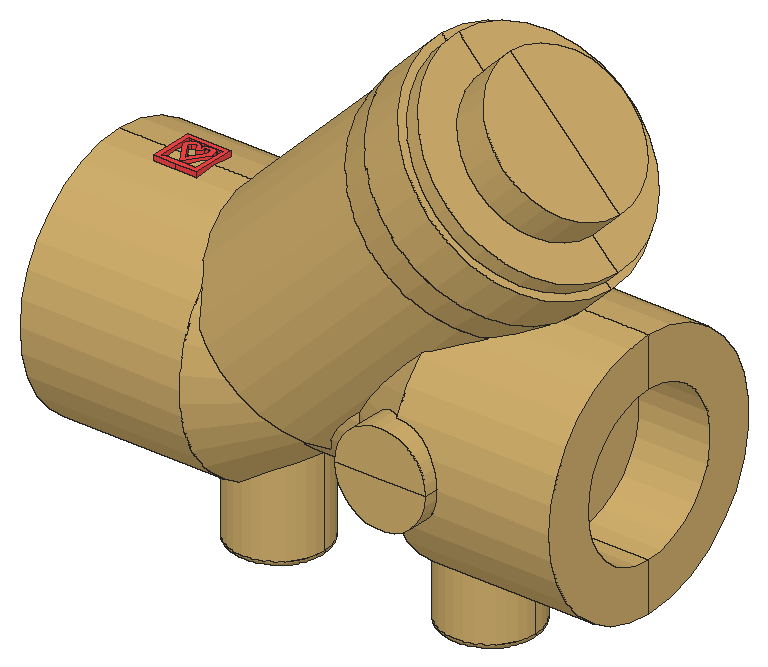
Revit family "Фильтр-грязевик 4111", category Rohrzubehör, Revit 2020
Family settings
  Bemaßung runder Anschluss = Durchmesser verwenden
  Teiletyp = Unterbricht
  OmniClass-Nummer = 23.65.55.14
  OmniClass-Titel = Valves for Liquid Services
  Arbeitsebenenbasiert = Nein
  Immer vertikal = Ja
  Beim Laden mit Abzugskörper schneiden = Nein
  Gemeinsam genutzt = Nein
Parameters
  Номер заказа [instance] = size_lookup("4111_", "Artnr", 0, Nennweite)  # 1411114
  Макс. рабочая температура = 110 °C  # constant formula
  W01 = 45.00°  # constant formula
  Vorgabe-Ansicht = 0.000 mm
  URL = "www.herz-armaturen.ru"
  Заглушка = "штампованная латунь CW 617N"  # constant formula
  Фильтрующий элемент = "нержавеющая сталь, размер ячейки 0,75 мм"  # constant formula
  SW02 [instance] = size_lookup("4111_", "SW2", 11.000 mm, Nennweite)  # 8.500 mm
  SW01 [instance] = size_lookup("4111_", "SW1", 16.000 mm, Nennweite)  # 16.000 mm
  SCTWSEQ = "AW;SBT_TYP_AW=\"112\";2"
  SCTWCODE = "04;16;02"  # constant formula
  SCRNSEQ = "AWI;AWI_TYP=\"1011\";2"
  SCRNCODE = "05;15;02"  # constant formula
  S01 [instance] = R01 * 2  # 52.000 mm
  R100 = 1.000 mm  # constant formula
  R10 [instance] = size_lookup("4111_", "R10", 8.500 mm, Nennweite)  # 6.950 mm
  R09 [instance] = size_lookup("4111_", "R9", 30.000 mm, Nennweite)  # 15.000 mm
  R08 [instance] = R07 - 1.500 mm  # 23.500 mm
  R07 [instance] = size_lookup("4111_", "R7", 46.500 mm, Nennweite)  # 25.000 mm
  R06 [instance] = size_lookup("4111_", "R6", 43.000 mm, Nennweite)  # 24.000 mm
  R05 [instance] = Nennweite / 2  # 16.000 mm
  R04 [instance] = size_lookup("4111_", "R4", 11.500 mm, Nennweite)  # 9.500 mm
  R03 = 9.500 mm  # constant formula
  R02 [instance] = Nennweite / 2  # 16.000 mm
  R01 [instance] = (Nennweite / 2) + 10.000 mm  # 26.000 mm
  PN [instance] = size_lookup("4111_", "PN", 16, Nennweite)  # 25
  Nennweite [instance] = 32.000 mm
  Среда = "Качество теплоносителя в соответствии с ÖNORM H5195 и/или предписаниями VDI-Standard 2035.\nРазрешается использование смеси этилен или пропиленгликоля в соотношении 25-50% с водой. Пожалуйста, обратитесь к документации производителя, при использовании этиленгликоля и пропиленгликоля в целях защиты от замерзания. Прокладки EPDM могут быть подвержены воздействию минеральных смазочных масел, что может служить причиной выхода из строя данных уплотнений."
  L16 [instance] = L03 - 4.500 mm  # 10.500 mm
  L15 [instance] = R01 - 1.000 mm  # 25.000 mm
  L14 [instance] = L06 - L08  # 7.300 mm
  L13 [instance] = size_lookup("4111_", "L13", 4.000 mm, Nennweite)  # 3.500 mm
  L12 = 0.800 mm  # constant formula
  L11 [instance] = size_lookup("4111_", "L11", 11.000 mm, Nennweite)  # 8.000 mm
  L10 = 3.500 mm  # constant formula
  L09 [instance] = size_lookup("4111_", "L9", 11.000 mm, Nennweite)  # 10.000 mm
  L08 [instance] = size_lookup("4111_", "L8", 35.000 mm, Nennweite)  # 52.700 mm
  L07 [instance] = size_lookup("4111_", "L7", 35.000 mm, Nennweite)  # 20.000 mm
  L06 [instance] = size_lookup("4111_", "L6", 118.000 mm, Nennweite) - L09  # 60.000 mm
  L05 [instance] = size_lookup("4111_", "L5", 44.000 mm, Nennweite)  # 27.500 mm
  L04 [instance] = size_lookup("4111_", "L4", 45.000 mm, Nennweite)  # 28.600 mm
  L03 = 15.000 mm  # constant formula
  L02 [instance] = size_lookup("4111_", "L2", 22.000 mm, Nennweite)  # 7.500 mm
  L01 [instance] = size_lookup("4111_", "L1", 48.000 mm, Nennweite)  # 33.000 mm
  L00 [instance] = size_lookup("4111_", "L", 180.000 mm, Nennweite)  # 110.000 mm
  Внутренняя резьба = "в соответствии с ISO 228-1"  # constant formula
  Hersteller = "Herz-Armaturen GmbH"  # constant formula
  H01 [instance] = size_lookup("4111_", "H1", 53.000 mm, Nennweite)  # 39.000 mm
  Корпус = "литая латунь, устойчивая к селективной цинковой коррозии, CC770S"  # constant formula
  Уплотнения = "EPDM"  # constant formula
  Область применения = "Фильтры устанавливаются с целью защиты клапанов от мелких частиц грязи в системах отопления и\nхолодоснабжения. Ароматические хлорированные углеводороды, такие как природный газ или продукты нефтепереработки, разрушают уплотнения из EPDM."
Reference planes
  plane 1 "Mitte (Vorne/hinten)": y = 0
  plane 2: z = 0
  plane 3 "Mitte (Links/rechts)": x = 0
Forms (mm)
  Revolve 1, solid, material "Messing", detail levels fine
    sketch origin (470, 0, 0) x (1, 0, 0) y (0, 0, 1)
      loop
        line (-525, 16) -> (-510, 16) -> (-510, 0) -> (-430, 0) -> (-430, 16) -> (-415, 16) -> (-415, 26) -> (-448, 26) -> (-462.5, 16) -> (-477.5, 16) -> (-492, 26) -> (-525, 26) -> (-525, 16)
      axis (-525, 0) -> (-415, 0)
    angle from 0 to 360
  Revolve 2, solid, material "Messing", detail levels fine
    sketch origin (470, 0, 0) x (1, 0, 0) y (0, 0, 1)
      loop
        line (-501.5, 0) -> (-501.5, -38)
        arc (-501.5, -38) -> (-501.207, -38.707) -> (-500.5, -39) r 1
        line (-500.5, -39) -> (-492, -39) -> (-492, 0) -> (-501.5, 0)
      axis (-492, 0) -> (-492, -39)
    angle from 0 to 360
  Revolve 3, solid, material "Messing", detail levels fine
    sketch origin (0, 0, 0) x (1, 0, 0) y (0, 1, 0)
      loop
        line (22, -28.6) -> (31.5, -28.6) -> (31.5, 27.5) -> (22, 27.5) -> (22, -28.6)
      axis (22, -28.6) -> (22, 27.5)
    angle from 0 to 360
  Revolve 4, solid, material "Messing", detail levels fine
    sketch origin (-470, 0, 0) x (-1, 0, 0) y (0, 0, 1)
      loop
        line (-501.5, 0) -> (-501.5, -38)
        arc (-501.5, -38) -> (-501.207, -38.707) -> (-500.5, -39) r 1
        line (-500.5, -39) -> (-492, -39) -> (-492, 0) -> (-501.5, 0)
      axis (-492, 0) -> (-492, -39)
    angle from 0 to 360
  Revolve 5, solid, material "Messing", detail levels fine
    sketch origin (0.32, 0, -0.105) x (1, 0, 0) y (0, 0, 1)
      loop
        line (-20.32, 0) -> (37.309, 57.629) -> (25.995, 68.943) -> (20.339, 63.286) -> (15.035, 68.589) -> (12.56, 66.114) -> (11.5, 67.175) -> (4.429, 60.104) -> (-0.026, 54.235) -> (-32.129, 22.132) -> (-31.634, 11.314) -> (-20.32, 0)
      axis (-20.32, 0) -> (37.309, 57.629)
    angle from 0 to 360
Lines and regions (mm)
  model lines, detail levels coarse+medium
    curve 1: line (-55, 0, 26) -> (55, 0, 26)
    curve 2: line (-55, 0, -26) -> (-55, 0, 26)
    curve 3: line (55, 0, -26) -> (-55, 0, -26)
    curve 4: line (55, 0, 26) -> (55, 0, -26)
    curve 6: line (-55, 26, 0) -> (55, 26, 0)
    curve 7: line (-55, -26, 0) -> (-55, 26, 0)
    curve 8: line (55, -26, 0) -> (-55, -26, 0)
    curve 9: line (55, 26, 0) -> (55, -26, 0)
    curve 10: line (55, -26, 0) -> (-55, 26, 0)
  symbolic lines, style "PipeAccessory"
    curve 5: line (55, 0, -26) -> (-55, 0, 26)
Dimensions and locks
  "H01": plane 2 to Revolve 2 sketch curve
  "L00": Revolve 1 sketch curve to Revolve 1 sketch curve
  equal spacing: Revolve 1 sketch curve, plane 3 "Mitte (Links/rechts)", Revolve 1 sketch curve
  "R01": Revolve 1 sketch curve to Revolve 1 sketch curve  (x2)
  "R02": Revolve 1 sketch curve to Revolve 1 sketch curve  (x3)
  "L01": Revolve 1 sketch curve to Revolve 1 sketch curve  (x2)
  "L02": plane 3 "Mitte (Links/rechts)" to Revolve 1 sketch curve
  "L02": Revolve 1 sketch curve to plane 3 "Mitte (Links/rechts)"
  "L03": Revolve 1 sketch curve to Revolve 1 sketch curve  (x2)
  "L01": Revolve 1 to Revolve 2 sketch curve
  "R03": Revolve 2 sketch curve to Revolve 2 sketch curve
  "L01": Revolve 4 sketch curve to Revolve 1
  "R03": Revolve 4 sketch curve to Revolve 4 sketch curve
  "H01": plane 2 to Revolve 4 sketch curve
  "L04": Revolve 3 sketch curve to plane 1 "Mitte (Vorne/hinten)"
  "L05": plane 1 "Mitte (Vorne/hinten)" to Revolve 3 sketch curve
  "R04": Revolve 3 sketch curve to Revolve 3 sketch curve
  "L01": Revolve 3 sketch curve to Revolve 1
  "SW01": Revolve 5 sketch curve to Revolve 5 sketch curve
  "R08": Revolve 5 sketch curve to Revolve 5 sketch curve
  "L10": Revolve 5 sketch curve to Revolve 5 sketch curve
  "L11": Revolve 5 sketch curve to Revolve 5 sketch curve
  "R07": Revolve 5 sketch curve to Revolve 5 sketch curve
  "L07": plane 3 "Mitte (Links/rechts)" to Revolve 5 sketch curve
  "R05": Revolve 5 sketch curve to Revolve 5 sketch curve
  "L06": Revolve 5 sketch curve to Revolve 5 sketch curve
  "L09": Revolve 5 sketch curve to Revolve 5 sketch curve
  "L08": Revolve 5 sketch curve to Revolve 5 sketch curve
  "R06": Revolve 5 sketch curve to Revolve 5 sketch curve
  "L14": Revolve 5 sketch curve to Revolve 5 sketch curve
  "L15": nested 1 to plane 2
  "L16": Revolve 1 to nested 1
  equal spacing: curve 7, plane 3 "Mitte (Links/rechts)", curve 9
  "L00": curve 7 to curve 9
  "S01": curve 6 to curve 8
  equal spacing: curve 4, plane 3 "Mitte (Links/rechts)", curve 2
  "L00": curve 4 to curve 2
  equal spacing: curve 1, plane 2, curve 3
  "S01": curve 1 to curve 3
  equal spacing: curve 8, plane 1 "Mitte (Vorne/hinten)", curve 6
  "R100": radius of Revolve 2 sketch curve
  "R100": radius of Revolve 4 sketch curve
  "W01": angle plane 2 to Revolve 5 sketch curve
  "W01": angle level to Revolve 5 sketch curve
  aligned and locked: level to plane 2
Automatic sketch dimensions
  Revolve 1 sketch curve to level = 0.000 mm  (x2)
  Revolve 1 sketch curve to Revolve 1 sketch curve = 791.990 mm
  Revolve 1 sketch curve to Revolve 1 sketch curve = 2278.983 mm
  Revolve 2 sketch curve to level = 0.000 mm  (x2)
  Revolve 2 sketch curve to Revolve 2 sketch curve = 0.000 mm
  Revolve 2 sketch curve to Revolve 2 sketch curve = 0.292 mm
  Revolve 3 sketch curve to Revolve 3 sketch curve = 0.000 mm  (x3)
  Revolve 4 sketch curve to level = 0.000 mm  (x2)
  Revolve 4 sketch curve to Revolve 4 sketch curve = 0.000 mm
  Revolve 4 sketch curve to Revolve 4 sketch curve = 0.292 mm
  Revolve 5 sketch curve to level = 0.105 mm
  Revolve 5 sketch curve to Revolve 5 sketch curve = 0.000 mm  (x2)
Nested families
  nested 1: "Herz-Logo" at (-39.982, 0, 25), type "Herz-Logo", detail levels fine
Connectors
  piping at (-40, 0, 0), diameter 32, driven by "Nennweite"
    settings: on Revolve 1, index 1, connector inside diameter 609.6 mm, connector length 0.000 mm, flow factor 0, pipe flow 0.0 L/s, pressure drop 0.0 Pa, fitting loss kfactor 0, connector angle 0.00°, fixture units 0, engagement length 0.000 mm, angle of deflection 0.00°, flow configuration 0, flow direction 1, fitting loss method 0, system type 29, joint type 0, gender type 0, connector reference index -1, connector utility 0, adjustable connector no, is connector primary yes, connector description ""
  piping at (40, 0, 0), diameter 32, driven by "Nennweite"
    settings: on Revolve 1, index 2, connector inside diameter 609.6 mm, connector length 0.000 mm, flow factor 0, pipe flow 0.0 L/s, pressure drop 0.0 Pa, fitting loss kfactor 0, connector angle 0.00°, fixture units 0, engagement length 0.000 mm, angle of deflection 0.00°, flow configuration 0, flow direction 2, fitting loss method 0, system type 29, joint type 0, gender type 0, connector reference index -1, connector utility 0, adjustable connector no, is connector primary no, connector description ""
Definition of nested family "Herz-Logo"
  Parameters (values of type "Herz-Logo")
    Default Elevation = 0.000 mm
  Reference planes
    plane 1 "Mitte (Vorne/hinten)": y = 0
    plane 2: z = 0
    plane 3 "Mitte (Links/rechts)": x = 0
  Forms (mm)
    Extrusion 1, solid
      sketch origin (0, 0, 0) x (1, 0, 0) y (0, 1, 0)
        loop
          line (-0.018, -4.517) -> (4.482, -4.517) -> (4.482, 4.483) -> (-4.518, 4.483) -> (-4.518, -4.517) -> (-0.018, -4.517)
        loop
          line (-0.05, -3.48) -> (3.482, -3.48) -> (3.482, 3.483) -> (-3.518, 3.483) -> (-3.518, -3.48) -> (-0.05, -3.48)
        loop
          arc (-0.018, 2.383) -> (-1.543, 3.287) -> (-3.067, 2.383) r 1.738
          arc (-3.067, 2.383) -> (-3.191, 1.899) -> (-3.067, 1.415) r 1.009
          line (-3.067, 1.415) -> (-0.018, -3.281) -> (3.032, 1.415)
          arc (3.032, 1.415) -> (3.156, 1.899) -> (3.032, 2.383) r 1.009
          arc (3.032, 2.383) -> (1.507, 3.287) -> (-0.018, 2.383) r 1.738
        loop
          arc (1.885, 1.272) -> (2.005, 1.675) -> (1.885, 2.079) r 0.74
          arc (1.885, 2.079) -> (1.265, 2.416) -> (0.644, 2.079) r 0.74
          line (0.644, 2.079) -> (-0.018, 0.97) -> (-0.679, 2.079)
          arc (-0.679, 2.079) -> (-1.3, 2.416) -> (-1.921, 2.079) r 0.74
          arc (-1.921, 2.079) -> (-2.04, 1.675) -> (-1.921, 1.272) r 0.74
          line (-1.921, 1.272) -> (-0.018, -1.658) -> (1.885, 1.272)
      from 0 to 1.5
  Dimensions and locks
    aligned and locked: level to plane 2
